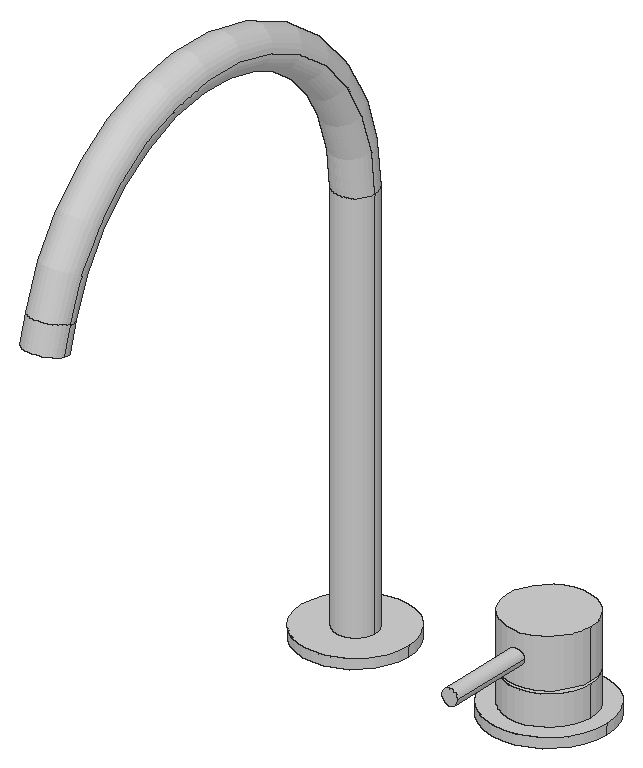
Revit family "Liano II Hob Basin-Sink Mixer Set 200mm", category Specialty Equipment, host Face, Revit 2019
Family settings
  Host = Face
  Round Connector Dimension = Use Radius
  Part Type = Normal
  OmniClass Number = 23.45.55.17
  OmniClass Title = Mixing Faucets
  Cut with Voids When Loaded = No
  Shared = No
  Room Calculation Point = No
Parameters (values of type "Liano II Hob Basin-Sink Mixer Set 200mm – Chrome")
  URL = "https://www.caroma.com.au/"
  Model = "96405C65A"
  Material_Base = GWA_Metal-Chrome
  Manufacturer = "GWA Bathrooms & Kitchens"  # constant formula
  Keynote = ""
  Description = "Liano II Hob Basin-Sink Mixer Set 200mm – Chrome"
  Default Elevation = 1000.00 mm
  CreatedBy_ANZRS = "GWA Bathrooms & Kitchens"  # constant formula
  Assembly Code = "C1030220"
Types (6, lengths in mm): name | Model | Material_Base | Description
  (no name) | "96405C65A" | GWA_Metal-Chrome | "Liano II Hob Basin-Sink Mixer Set 200mm – Chrome"
  Liano II Hob Basin-Sink Mixer Set 200mm – Chrome | "96405C65A" | GWA_Metal-Chrome | "Liano II Hob Basin-Sink Mixer Set 200mm – Chrome"
  Liano II Hob Basin-Sink Mixer Set 200mm – Matte Black | "96405B65A" | GWA-Metal-Black | "Liano II Hob Basin-Sink Mixer Set 200mm – Matte Black"
  Liano II Hob Basin-Sink Mixer Set 200mm – Brushed Brass | "96405BB65A" | GWA_Metal-Brushed-Brass | "Liano II Hob Basin-Sink Mixer Set 200mm – Brushed Brass"
  Liano II Hob Basin-Sink Mixer Set 200mm – Gunmetal | "96405GM65A" | GWA-Metal-Gunmetal Grey | "Liano II Hob Basin-Sink Mixer Set 200mm – Gunmetal"
  Liano II Hob Basin-Sink Mixer Set 200mm – Brushed Nickel | "96405BN65A" | GWA_Metal-Brushed-Nickel | "Liano II Hob Basin-Sink Mixer Set 200mm – Brushed Nickel"
Reference planes
  plane 1 "Center (Front/Back)": y = 0
  plane 2: z = 0
  plane 3 "Center (Left/Right)": x = 0
  plane 4 "Mixer": x = 50
  plane 5 "Outlet": x = -50
Forms (mm)
  Extrusion 1, solid, material "GWA_Metal-Chrome" <- "Material_Base"
    sketch origin (0, 0, 0) x (1, 0, 0) y (0, 1, 0)
      loop
        circle (50, 0) r 30
    from 0 to 5
  Extrusion 2, solid, material "GWA_Metal-Chrome" <- "Material_Base"
    sketch origin (0, 0, 0) x (1, 0, 0) y (0, 1, 0)
      loop
        circle (50, 0) r 21.5
    from 5 to 20.5
  Extrusion 3, solid, material "GWA_Metal-Chrome" <- "Material_Base"
    sketch origin (0, 0, 0) x (1, 0, 0) y (0, 1, 0)
      loop
        circle (50, 0) r 21.5
    from 22 to 47
  Extrusion 4, solid, material "GWA_Metal-Chrome" <- "Material_Base"
    sketch origin (0, 0, -12) x (1, 0, 0) y (0, 0, 1)
      loop
        circle (50, 47) r 4
    from 0 to 64
  Revolve 5, solid, material "GWA_Metal-Chrome" <- "Material_Base"
    sketch origin (50, 0, 0) x (0, 0, -1) y (0, -1, 0)
      loop
        line (-20.5, -17.321) -> (-20.5, 0) -> (-26.5, 0)
        arc (-26.5, 0) -> (-24.958, -9.165) -> (-20.5, -17.321) r 28
      axis (-26.5, 0) -> (-20.5, 0)
    angle from 0 to 360
  Sweep 6, solid, material "GWA_Metal-Chrome" <- "Material_Base"
    path origin (-50, 0, 0) x (0, 1, 0) y (0, 0, 1)
      loop
        line (0, 0) -> (0, 208)
        arc (0, 208) -> (-86.86, 307.045) -> (-196.396, 233.856) r 99.9
        line (-196.396, 233.856) -> (-200.019, 220.333)
    profile origin (-50, 0, 104) x (0, -1, 0) y (1, 0, 0)
      loop
        circle (0, 0) r 10.25
  Extrusion 7, void
    sketch origin (-50, 41.685, 155.569) x (0, -0.965926, 0.258819) y (1, 0, 0)
      loop
        circle (250.23, 0) r 9.25
    from -1 to 1
  Extrusion 8, solid, material "GWA_Metal-Chrome" <- "Material_Base"
    sketch origin (-50, 0, 0) x (1, 0, 0) y (0, 1, 0)
      loop
        circle (0, 0) r 27.5
      loop
        circle (0, 0) r 10.5
    from 0 to 5
Cuts and joins
  joined: Extrusion 3, Extrusion 4
  Extrusion 7 cuts Sweep 6
Lines and regions (mm)
  Masking region 1
    outline origin (0, 0, 0) x (1, 0, 0) y (0, 1, 0)
      loop
        arc (-39.75, -25.518) -> (-50, 27.5) -> (-60.25, -25.518) r 27.5
        line (-60.25, -25.518) -> (-60.25, -199.961)
        spline (-60.25, -199.961) -> (-59.901, -202.523) -> (-58.877, -204.911) -> (-57.248, -206.962) -> (-55.125, -208.535) -> (-52.653, -209.524) -> (-50, -209.862) -> (-47.347, -209.524) -> (-44.875, -208.535) -> (-42.752, -206.962) -> (-41.123, -204.911) -> (-40.099, -202.523) -> (-39.75, -199.961)
        line (-39.75, -199.961) -> (-39.75, -25.518)
      loop
        line (46, -29.732) -> (46, -64) -> (54, -64) -> (54, -29.732)
        arc (54, -29.732) -> (50, 30) -> (46, -29.732) r 30
  Masking region 2
    outline origin (0, 0, 0) x (1, 0, 0) y (0, 0, 1)
      loop
        line (71.5, 47) -> (28.5, 47) -> (28.5, 22) -> (34.777, 22)
        arc (34.777, 22) -> (33.711, 21.274) -> (32.679, 20.5) r 28
        line (32.679, 20.5) -> (28.5, 20.5) -> (28.5, 5) -> (20, 5) -> (20, 0) -> (80, 0) -> (80, 5) -> (71.5, 5) -> (71.5, 20.5) -> (67.321, 20.5)
        arc (67.321, 20.5) -> (66.289, 21.274) -> (65.223, 22) r 28
        line (65.223, 22) -> (71.5, 22) -> (71.5, 47)
      loop
        line (-22.5, 0) -> (-22.5, 5) -> (-39.75, 5) -> (-39.75, 307.9)
        arc (-39.75, 307.9) -> (-50, 318.15) -> (-60.25, 307.9) r 10.25
        line (-60.25, 307.9) -> (-60.25, 5) -> (-77.5, 5) -> (-77.5, 0) -> (-22.5, 0)
  Masking region 3
    outline origin (0, 0, 0) x (0, 1, 0) y (0, 0, 1)
      loop
        line (-10.25, 47) -> (-21.5, 47) -> (-21.5, 39) -> (-64, 39) -> (-64, 31) -> (-21.5, 31) -> (-21.5, 22) -> (-15.223, 22)
        arc (-15.223, 22) -> (-16.289, 21.274) -> (-17.321, 20.5) r 28
        line (-17.321, 20.5) -> (-21.5, 20.5) -> (-21.5, 5) -> (-30, 5) -> (-30, 0) -> (30, 0) -> (30, 5) -> (21.5, 5) -> (21.5, 20.5) -> (17.321, 20.5)
        arc (17.321, 20.5) -> (16.289, 21.274) -> (15.223, 22) r 28
        line (15.223, 22) -> (21.5, 22) -> (21.5, 47) -> (10.276, 47) -> (10.276, 208.006)
        arc (10.276, 208.006) -> (-83.896, 317.035) -> (-205.462, 239.722) r 110.2
        line (-205.462, 239.722) -> (-209.944, 222.992) -> (-190.095, 217.674) -> (-186.471, 231.197)
        arc (-186.471, 231.197) -> (-88.229, 296.84) -> (-10.324, 208.006) r 89.6
        line (-10.324, 208.006) -> (-10.324, 47)
  symbolic lines
    curve 1: arc (54, -29.732, 0) -> (50, 30, 0) -> (46, -29.732, 0) r 30
    curve 2: line (46, -64, 0) -> (54, -64, 0)
    curve 3: line (46, -64, 0) -> (46, -21.125, 0)
    curve 4: line (54, -64, 0) -> (54, -21.125, 0)
    curve 5: circle (50, 0, 0) r 21.5 normal (0, 0, 1)
    curve 6: line (80, 0, 5) -> (20, 0, 5)
    curve 7: line (71.5, 0, 20.5) -> (28.5, 0, 20.5)
    curve 8: line (28.5, 0, 22) -> (71.5, 0, 22)
    curve 9: line (71.5, 0, 47) -> (28.5, 0, 47)
    curve 10: circle (50, 0, 35) r 4 normal (0, -1, 0)
    curve 11: line (71.5, 0, 47) -> (71.5, 0, 22)
    curve 12: line (28.5, 0, 47) -> (28.5, 0, 22)
    curve 13: line (28.5, 0, 20.5) -> (28.5, 0, 5)
    curve 14: line (71.5, 0, 20.5) -> (71.5, 0, 5)
    curve 15: line (80, 0, 5) -> (80, 0, 0)
    curve 16: line (80, 0, 0) -> (20, 0, 0)
    curve 17: line (20, 0, 0) -> (20, 0, 5)
    curve 18: arc (34.777, 0, 22) -> (33.711, 0, 21.274) -> (32.679, 0, 20.5) r 28
    curve 19: arc (67.321, 0, 20.5) -> (66.289, 0, 21.274) -> (65.223, 0, 22) r 28
    curve 20: line (0, 21.5, 47) -> (0, -21.5, 47)
    curve 21: line (0, -21.5, 22) -> (0, 21.5, 22)
    curve 22: line (0, 21.5, 20.5) -> (0, -21.5, 20.5)
    curve 23: line (0, 30, 5) -> (0, -30, 5)
    curve 24: line (0, -64, 39) -> (0, -64, 31)
    curve 25: line (0, -64, 39) -> (0, -21.5, 39)
    curve 26: line (0, -64, 31) -> (0, -21.5, 31)
    curve 27: arc (0, -21.5, 31) -> (0, -21.125, 35) -> (0, -21.5, 39) r 21.5
    curve 28: line (0, -21.5, 47) -> (0, -21.5, 39)
    curve 29: line (0, -21.5, 31) -> (0, -21.5, 22)
    curve 30: line (0, 21.5, 22) -> (0, 21.5, 47)
    curve 31: line (0, 21.5, 20.5) -> (0, 21.5, 5)
    curve 32: line (0, 30, 5) -> (0, 30, 0)
    curve 33: line (0, 30, 0) -> (0, -30, 0)
    curve 34: line (0, -30, 0) -> (0, -30, 5)
    curve 35: line (0, -21.5, 20.5) -> (0, -21.5, 5)
    curve 36: arc (0, -15.223, 22) -> (0, -16.289, 21.274) -> (0, -17.321, 20.5) r 28
    curve 37: arc (0, 17.321, 20.5) -> (0, 16.289, 21.274) -> (0, 15.223, 22) r 28
    curve 38: arc (-39.75, -25.518, 0) -> (-50, 27.5, 0) -> (-60.25, -25.518, 0) r 27.5
    curve 39: arc (-60.25, -2.278, 0) -> (-50, 10.5, 0) -> (-39.75, -2.278, 0) r 10.5
    curve 40: spline (-39.75, -200, 0) -> (-40.099, -202.563, 0) -> (-41.123, -204.95, 0) -> (-42.752, -207.001, 0) -> (-44.875, -208.574, 0) -> (-47.347, -209.563, 0) -> (-50, -209.901, 0) -> (-52.653, -209.563, 0) -> (-55.125, -208.574, 0) -> (-57.248, -207.001, 0) -> (-58.877, -204.95, 0) -> (-59.901, -202.563, 0) -> (-60.25, -200, 0)
    curve 41: line (-60.25, 0, 0) -> (-60.25, -200, 0)
    curve 42: line (-39.75, 0, 0) -> (-39.75, -200, 0)
    curve 43: arc (-60.25, 0, 0) -> (-50, 10.25, 0) -> (-39.75, 0, 0) r 10.25
    curve 44: line (-22.5, 0, 5) -> (-77.5, 0, 5)
    curve 45: spline (-39.75, 0, 219.938) -> (-40.099, 0, 220.625) -> (-41.123, 0, 221.265) -> (-42.752, 0, 221.814) -> (-44.875, 0, 222.236) -> (-47.347, 0, 222.501) -> (-50, 0, 222.591) -> (-52.653, 0, 222.501) -> (-55.125, 0, 222.236) -> (-57.248, 0, 221.814) -> (-58.877, 0, 221.265) -> (-59.901, 0, 220.625) -> (-60.25, 0, 219.938)
    curve 46: spline (-50, 0, 222.332) -> (-47.606, 0, 222.251) -> (-45.375, 0, 222.011) -> (-43.459, 0, 221.631) -> (-41.989, 0, 221.135) -> (-41.065, 0, 220.558) -> (-40.75, 0, 219.938) -> (-41.065, 0, 219.319) -> (-41.989, 0, 218.741) -> (-43.459, 0, 218.245) -> (-45.375, 0, 217.865) -> (-47.606, 0, 217.626) -> (-50, 0, 217.544)
    curve 47: spline (-60.25, 0, 219.938) -> (-59.901, 0, 219.252) -> (-58.877, 0, 218.612) -> (-57.248, 0, 218.062) -> (-55.125, 0, 217.641) -> (-52.653, 0, 217.376) -> (-50, 0, 217.285) -> (-47.347, 0, 217.376) -> (-44.875, 0, 217.641) -> (-42.752, 0, 218.062) -> (-41.123, 0, 218.612) -> (-40.099, 0, 219.252) -> (-39.75, 0, 219.938)
    curve 48: spline (-50, 0, 217.544) -> (-52.394, 0, 217.626) -> (-54.625, 0, 217.865) -> (-56.541, 0, 218.245) -> (-58.011, 0, 218.741) -> (-58.935, 0, 219.319) -> (-59.25, 0, 219.938) -> (-58.935, 0, 220.558) -> (-58.011, 0, 221.135) -> (-56.541, 0, 221.631) -> (-54.625, 0, 222.011) -> (-52.394, 0, 222.251) -> (-50, 0, 222.332)
    curve 49: line (-60.25, 0, 307.9) -> (-60.25, 0, 5)
    curve 50: line (-39.75, 0, 307.9) -> (-39.75, 0, 5)
    curve 51: line (-77.5, 0, 5) -> (-77.5, 0, 0)
    curve 52: line (-77.5, 0, 0) -> (-22.5, 0, 0)
    curve 53: line (-22.5, 0, 0) -> (-22.5, 0, 5)
    curve 54: arc (-39.75, 0, 307.9) -> (-50, 0, 318.15) -> (-60.25, 0, 307.9) r 10.25
    curve 55: line (0, -190.095, 217.674) -> (0, -209.944, 222.992)
    curve 56: line (0, -209.944, 222.992) -> (0, -205.462, 239.722)
    curve 57: arc (0, 10.276, 208.006) -> (0, -83.896, 317.035) -> (0, -205.462, 239.722) r 110.2
    curve 58: arc (0, -10.324, 208.006) -> (0, -88.229, 296.84) -> (0, -186.471, 231.197) r 89.6
    curve 59: line (0, -10.324, 208.006) -> (0, -10.324, 47)
    curve 60: line (0, 10.276, 208.006) -> (0, 10.276, 47)
    curve 61: line (0, -186.471, 231.197) -> (0, -190.095, 217.674)
Dimensions and locks
  aligned and locked: plane 2 to host face
  aligned and locked: level to host face
Connectors
  piping at (40, 0, 0), diameter 20
    settings: index 1, connector inside diameter 609.6 mm, connector length 0.00 mm, flow factor 0, pipe flow 0.0 L/s, pressure drop 0.0 Pa, fitting loss kfactor 0, connector angle 0.00°, fixture units 0, engagement length 0.00 mm, angle of deflection 0.00°, flow configuration 3, flow direction 1, fitting loss method 0, system type 19, joint type 0, gender type 0, connector reference index -1, connector utility 0, adjustable connector no, is connector primary yes, connector description ""
  piping at (60, 0, 0), diameter 20
    settings: index 2, connector inside diameter 609.6 mm, connector length 0.00 mm, flow factor 0, pipe flow 0.0 L/s, pressure drop 0.0 Pa, fitting loss kfactor 0, connector angle 0.00°, fixture units 0, engagement length 0.00 mm, angle of deflection 0.00°, flow configuration 3, flow direction 1, fitting loss method 0, system type 20, joint type 0, gender type 0, connector reference index -1, connector utility 0, adjustable connector no, is connector primary no, connector description ""
